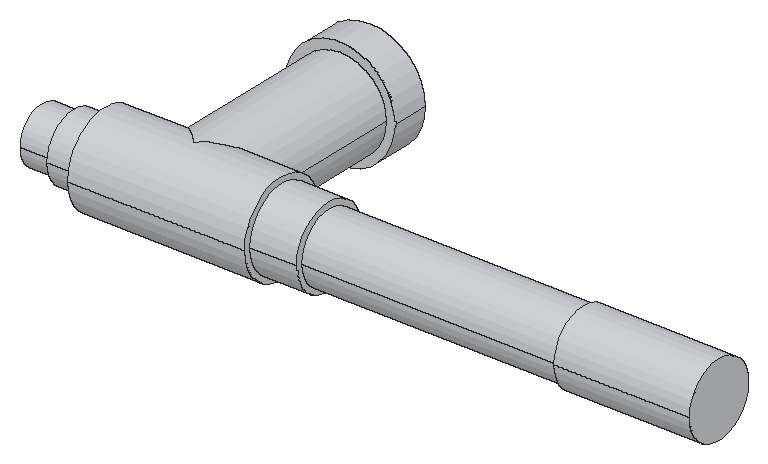
Revit family "M_Válvula de alívio da cobertura - 15-50 mm - Rosqueada", category Acessórios do tubo, Revit 2019
Family settings
  Cota do conector redondo = Usar raio
  Tipo de parte = Válvula - Normal
  Número OmniClass = 23.65.55.14.17
  Título OmniClass = Adjusting/Controlling Valves for Liquid Services
  ID de item do Seek = Cap Relief Valve - 15-50 mm - Threaded-0000-CAN-ENU
  Com base no plano de trabalho = Não
  Sempre na vertical = Sim
  Corte com vazios quando carregada = Não
  Compartilhado = Não
Parameters (values of type "15 mmx25 mm")
  Material da válvula = none
  Espessura do soquete = 10 mm
  Raio do soquete = Diâmetro do soquete / 2  # 15 mm
  Diâmetro do soquete = Diâmetro nominal externo * 1.2  # 30 mm
  Raio 3 = Raio do corpo - 3.175 mm  # 9.325 mm
  Raio 2 = Raio do corpo - 1.587 mm  # 10.912 mm
  Raio 1 = Raio nominal interno + 1.587 mm  # 9.087 mm
  Altura total = 184 mm
  Raio nominal externo = 12.5 mm
  Diâmetro nominal externo = Raio nominal externo * 2  # 25 mm
  Raio nominal interno = 7.5 mm
  Diâmetro nominal interno = Raio nominal interno * 2  # 15 mm
  Altura 2 = 0.07 * Altura total  # 12.88 mm
  Altura 1 = 0.2 * Altura total  # 36.8 mm
  Raio 4 = 10 mm
  C2 Deslocamento 2 = 41 mm
  C2 Deslocamento 1 = 60 mm
  Raio do corpo = Raio nominal externo  # 12.5 mm
  Altura do corpo = 48 mm
Types (7, lengths in mm): name | Espessura do soquete | Raio do soquete | Diâmetro do soquete | Raio 3 | Raio 2 | Raio 1 | Altura total | Raio nominal externo | Diâmetro nominal externo | Raio nominal interno | Diâmetro nominal interno | Altura 2 | Altura 1 | Raio 4 | C2 Deslocamento 2 | C2 Deslocamento 1 | Raio do corpo | Altura do corpo
  15 mmx25 mm | 10 | 15 | 30 | 9.325 | 10.912 | 9.087 | 184 | 12.5 | 25 | 7.5 | 15 | 12.88 | 36.8 | 10 | 41 | 60 | 12.5 | 48
  20 mmx25 mm | 10 | 15 | 30 | 9.325 | 10.912 | 11.588 | 184 | 12.5 | 25 | 10 | 20 | 12.88 | 36.8 | 10 | 41 | 60 | 12.5 | 48
  20 mmx32 mm | 13 | 19.2 | 38.4 | 12.825 | 14.412 | 11.588 | 194 | 16 | 32 | 10 | 20 | 13.58 | 38.8 | 11 | 51 | 67 | 16 | 51
  25 mmx40 mm | 16 | 24 | 48 | 16.825 | 18.413 | 14.088 | 222 | 20 | 40 | 12.5 | 25 | 15.54 | 44.4 | 14 | 60 | 73 | 20 | 60
  32 mmx50 mm | 16 | 30 | 60 | 21.825 | 23.413 | 17.588 | 257 | 25 | 50 | 16 | 32 | 17.99 | 51.4 | 19 | 67 | 83 | 25 | 67
  40 mmx65 mm | 19 | 39 | 78 | 29.325 | 30.913 | 21.587 | 283 | 32.5 | 65 | 20 | 40 | 19.81 | 56.6 | 24 | 70 | 89 | 32.5 | 76
  50 mmx80 mm | 19 | 48 | 96 | 36.825 | 38.413 | 26.587 | 318 | 40 | 80 | 25 | 50 | 22.26 | 63.6 | 29 | 83 | 102 | 40 | 83
Reference planes
  plane 1 "Centro (Frente/Trás)": y = 0
  plane 2: z = 0
  plane 3 "Centro (Esquerda/Direita)": x = 0
  plane 4: x = 143
  plane 5: x = -24
  plane 6: x = 24
  plane 7: x = -41
  plane 8: x = 106.2
  plane 9: x = 36.88
  plane 10: y = 12.5
  plane 11: y = -12.5
  plane 12: x = -12.5
  plane 13: x = 12.5
  plane 14: x = 54.21
  plane 15: x = 71.54
  plane 16: x = 88.87
  plane 17: y = 50
  plane 18: y = 60
  plane 19: x = -32.5
  plane 20: y = 9.325
  plane 21: y = -9.325
Forms (mm)
  Extrusion 1, solid, material <- "Material da válvula", detail levels fine
    sketch origin (0, 308.941, 1219.2) x (0, 1, 0) y (0, 0, 1)
      loop
        circle (-308.941, -1219.2) r 7.5
    from -41 to -32.5
  Extrusion 2, solid, material <- "Material da válvula", detail levels fine
    sketch origin (0, 308.941, 1219.2) x (0, 1, 0) y (0, 0, 1)
      loop
        circle (-308.941, -1219.2) r 9.087
    from -32.5 to -24
  Extrusion 3, solid, material <- "Material da válvula", detail levels fine
    sketch origin (0, 308.941, 1219.2) x (0, 1, 0) y (0, 0, 1)
      loop
        circle (-308.941, -1219.2) r 10
    from 106.2 to 143
  Extrusion 4, solid, material <- "Material da válvula", detail levels fine
    sketch origin (0, 308.941, 1219.2) x (0, 1, 0) y (0, 0, 1)
      loop
        circle (-308.941, -1219.2) r 12.5
    from -24 to 24
  Extrusion 5, solid, material <- "Material da válvula", detail levels fine
    sketch origin (0, 308.941, 1219.2) x (0, 1, 0) y (0, 0, 1)
      loop
        circle (-308.941, -1219.2) r 10.912
    from 24 to 36.88
  Extrusion 6, solid, material <- "Material da válvula", detail levels fine
    sketch origin (0, 308.941, 1219.2) x (0, 1, 0) y (0, 0, 1)
      loop
        circle (-308.941, -1219.2) r 9.325
    from 36.88 to 106.2
  Extrusion 7, solid, material <- "Material da válvula", detail levels fine
    sketch origin (-54.513, -60.325, 1219.2) x (-1, 0, 0) y (0, 0, 1)
      loop
        circle (-54.513, -1219.2) r 12.5
    from 60.325 to 110.325
  Extrusion 8, solid, material <- "Material da válvula", detail levels fine
    sketch origin (-54.513, -60.325, 1219.2) x (-1, 0, 0) y (0, 0, 1)
      loop
        circle (-54.513, -1219.2) r 15
    from 110.325 to 120.325
Cuts and joins
  joined: Extrusion 1, Extrusion 2, Extrusion 3, Extrusion 4, Extrusion 5, Extrusion 6, Extrusion 7, Extrusion 8
Lines and regions (mm)
  model lines, detail levels coarse+medium
    curve 1: line (-41, 7.5, 0) -> (-41, -7.5, 0)
    curve 2: line (54.21, 9.325, 0) -> (54.21, -9.325, 0)
    curve 3: line (71.54, 9.325, 0) -> (71.54, -9.325, 0)
    curve 4: line (88.87, 9.325, 0) -> (88.87, -9.325, 0)
    curve 5: line (-41, 0, 0) -> (-12.5, 0, 0)
    curve 6: line (-12.5, 12.5, 0) -> (-12.5, -12.5, 0)
    curve 7: line (0, 60, 0) -> (5.774, 50, 0)
    curve 8: line (0, 60, 0) -> (-5.774, 50, 0)
    curve 9: line (-12.5, -12.5, 0) -> (12.5, 12.5, 0)
    curve 10: line (-12.5, 12.5, 0) -> (12.5, 12.5, 0)
    curve 11: line (0, 60, 0) -> (0, 12.5, 0)
    curve 12: line (0, 0, 0) -> (106.2, 0, 0)
Dimensions and locks
  "C2 Deslocamento 2": plane 7 to plane 3 "Centro (Esquerda/Direita)"
  equal spacing: plane 5, plane 3 "Centro (Esquerda/Direita)", plane 6
  "Altura do corpo": plane 5 to plane 6
  equal spacing: plane 7, plane 19, plane 5
  "Altura total": plane 7 to plane 4
  "Altura 1": plane 8 to plane 4
  "Altura 2": plane 6 to plane 9
  equal spacing: plane 9, plane 14, plane 15, plane 16, plane 8
  equal spacing: plane 12, plane 3 "Centro (Esquerda/Direita)", plane 13
  "Diâmetro nominal externo": plane 12 to plane 13
  "C2 Deslocamento 1": plane 1 "Centro (Frente/Trás)" to plane 18
  "Espessura do soquete": plane 17 to plane 18
  "Raio nominal externo": plane 1 "Centro (Frente/Trás)" to plane 11
  "Raio nominal externo": plane 10 to plane 1 "Centro (Frente/Trás)"
  equal spacing: curve 1, plane 1 "Centro (Frente/Trás)", curve 1
  "Diâmetro nominal interno": curve 1 to curve 1
  "Raio 3": plane 20 to plane 1 "Centro (Frente/Trás)"
  equal spacing: plane 20, plane 1 "Centro (Frente/Trás)", plane 21
  "Raio nominal interno": radius of Extrusion 1 sketch curve
  "Raio 1": radius of Extrusion 2 sketch curve
  "Raio 4": radius of Extrusion 3 sketch curve
  "Raio do corpo": radius of Extrusion 4 sketch curve
  "Raio 2": radius of Extrusion 5 sketch curve
  "Raio 3": radius of Extrusion 6 sketch curve
  "Raio do corpo": radius of Extrusion 7 sketch curve
  "Raio do soquete": radius of Extrusion 8 sketch curve
  locked: plane 3 "Centro (Esquerda/Direita)" to curve 7 (angle 30.00°)
  locked: curve 8 to plane 3 "Centro (Esquerda/Direita)" (angle 30.00°)
  aligned and locked: plane 1 "Centro (Frente/Trás)" to Extrusion 1 sketch curve
  aligned and locked: plane 2 to Extrusion 1 sketch curve
  aligned and locked: plane 1 "Centro (Frente/Trás)" to Extrusion 2 sketch curve
  aligned and locked: plane 2 to Extrusion 2 sketch curve
  aligned and locked: Extrusion 2 to plane 19
  aligned and locked: plane 5 to Extrusion 2
  aligned and locked: Extrusion 1 to plane 7
  aligned and locked: plane 19 to Extrusion 1
  aligned and locked: plane 1 "Centro (Frente/Trás)" to Extrusion 3 sketch curve
  aligned and locked: level to Extrusion 3 sketch curve
  aligned and locked: Extrusion 3 to plane 8
  aligned and locked: plane 4 to Extrusion 3
  aligned and locked: plane 1 "Centro (Frente/Trás)" to Extrusion 4 sketch curve
  aligned and locked: plane 2 to Extrusion 4 sketch curve
  aligned and locked: Extrusion 4 to plane 5
  aligned and locked: Extrusion 4 to plane 6
  aligned and locked: plane 1 "Centro (Frente/Trás)" to Extrusion 5 sketch curve
  aligned and locked: plane 2 to Extrusion 5 sketch curve
  aligned and locked: plane 6 to Extrusion 5
  aligned and locked: plane 9 to Extrusion 5
  aligned and locked: plane 1 "Centro (Frente/Trás)" to Extrusion 6 sketch curve
  aligned and locked: plane 2 to Extrusion 6 sketch curve
  aligned and locked: Extrusion 6 to plane 9
  aligned and locked: plane 8 to Extrusion 6
  aligned and locked: plane 3 "Centro (Esquerda/Direita)" to Extrusion 7 sketch curve
  aligned and locked: plane 2 to Extrusion 7 sketch curve
  aligned and locked: plane 3 "Centro (Esquerda/Direita)" to Extrusion 8 sketch curve
  aligned and locked: plane 2 to Extrusion 8 sketch curve
  aligned and locked: plane 1 "Centro (Frente/Trás)" to Extrusion 7
  aligned and locked: Extrusion 7 to plane 17
  aligned and locked: plane 17 to Extrusion 8
  aligned and locked: Extrusion 8 to plane 18
  aligned and locked: curve 1 to plane 7
  aligned and locked: plane 20 to curve 2
  aligned and locked: plane 21 to curve 2
  aligned and locked: curve 2 to plane 14
  aligned and locked: plane 20 to curve 3
  aligned and locked: plane 20 to curve 4
  aligned and locked: plane 21 to curve 4
  aligned and locked: plane 21 to curve 3
  aligned and locked: curve 3 to plane 15
  aligned and locked: curve 4 to plane 16
  aligned and locked: plane 7 to curve 5
  aligned and locked: plane 12 to curve 5
  aligned and locked: plane 1 "Centro (Frente/Trás)" to curve 5
  aligned and locked: curve 6 to plane 12
  aligned and locked: plane 17 to curve 7
  aligned and locked: plane 17 to curve 8
  aligned and locked: plane 13 to curve 9
  aligned and locked: plane 11 to curve 9
  aligned and locked: curve 10 to plane 10
  aligned and locked: plane 10 to curve 11
  aligned and locked: plane 18 to curve 11
  aligned and locked: curve 11 to plane 3 "Centro (Esquerda/Direita)"
  aligned and locked: plane 8 to curve 12
  aligned and locked: plane 1 "Centro (Frente/Trás)" to curve 12
Connectors
  piping at (-41, 0, 0), diameter 15, driven by "Raio nominal interno"
    settings: on cut or joined group 1 (Extrusion 1, Extrusion 2, Extrusion 3, Extrusion 4, Extrusion 5, Extrusion 6, Extrusion 7, Extrusion 8), index 1, connector inside diameter 15 mm, connector length 0 mm, flow factor 0, pipe flow 0.0 L/s, pressure drop 0.0 Pa, fitting loss kfactor 0, connector angle 0.00°, fixture units 0, engagement length 0 mm, angle of deflection 0.00°, flow configuration 0, flow direction 0, fitting loss method 0, system type 29, joint type 0, gender type 0, connector reference index 2, connector utility 0, adjustable connector no, is connector primary yes, connector description "In"
  piping at (0, 60, 0), diameter 25, driven by "Raio nominal externo"
    settings: on cut or joined group 1, index 2, connector inside diameter 25 mm, connector length 0 mm, flow factor 0, pipe flow 0.0 L/s, pressure drop 0.0 Pa, fitting loss kfactor 0, connector angle 0.00°, fixture units 0, engagement length 0 mm, angle of deflection 0.00°, flow configuration 0, flow direction 0, fitting loss method 0, system type 29, joint type 0, gender type 0, connector reference index 1, connector utility 0, adjustable connector no, is connector primary no, connector description "Saída"
